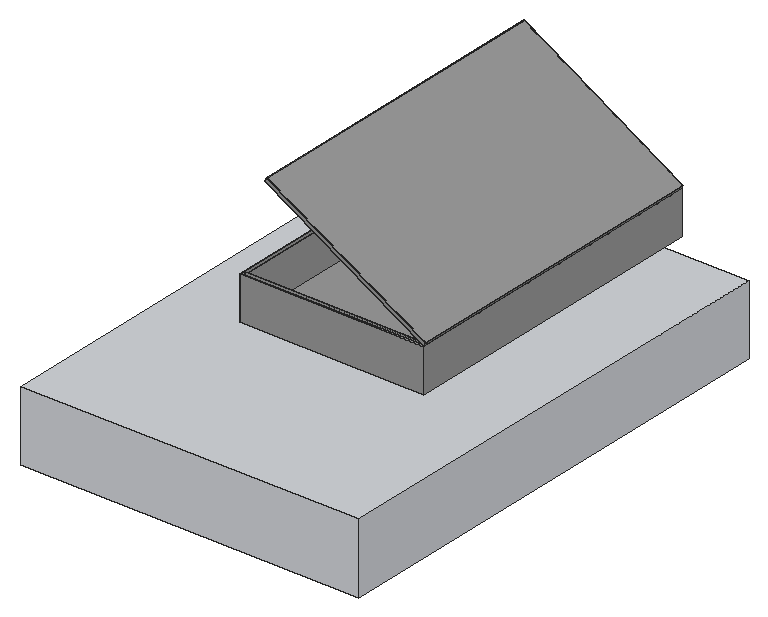
Revit family "Hager-Univers-IP44-D205-H1400-Cl.I-encl-DE-de", category Equipement électrique, Revit 2020
Family settings
  Hôte = Face
  Configuration du panneau = Deux colonnes, circuits au sein
  Cote de connecteur circulaire = Utiliser le diamètre
  Type d'élément = Tableau de raccordement
  Couper avec des vides une fois chargée = Non
  Partagée = Non
  Point de calcul de pièce = Non
Parameters (values of type "Aufputz IP44 B800 H1400 T205  - FP93TN2")
  Width Control [instance] = if([EF000008 - Breite] > Min Width, [EF000008 - Breite], Min Width)  # 800 mm
  Commentaires du type = [HG000003 - Bereich]  # "Univers"
  Thickness Door [instance] = if([EF009171 - Materialstärke Tür/Deckel] > 3 mm, 3 mm, [EF009171 - Materialstärke Tür/Deckel])  # 1 mm
  Seal Frame Offset [instance] = 17 mm  # constant formula
  Plinth Visibility [instance] = [HG000027 - Sockelhöhe] > 0 mm  # no
  Model = ""
  Min Width [instance] = 100 mm  # constant formula
  Min Height [instance] = 100 mm  # constant formula
  Min Depth [instance] = (2 * [EF009170 - Materialstärke Gehäuse]) + 1 mm  # 3 mm
  Internal Frame Depth [instance] = (Door System Depth * 0.5)  # 9 mm
  Height Control [instance] = if([EF000040 - Höhe] > Min Height, [EF000040 - Höhe], Min Height)  # 1400 mm
  HG000027 - Sockelhöhe = 0 mm
  HG000026 - Stehend auf dem Boden = no
  HG000024 - Höhe des unteren Teils = 800 mm
  HG000023 - Gehäuse mit doppeltem Querschnitt = no
  HG000016 - 3D-Türsichtbarkeit [instance] = yes
  HG000015 - Sichtbarkeit der Türöffnung [instance] = no
  HG000014 - Tür rechts [instance] = yes
  HG000013 - Tür links [instance] = not([HG000014 - Tür rechts])  # no
  HG000012 - Türschwenkwinkel [instance] = 30.00°
  HG000010 - Asymmetrische Türen = no
  HG000009 - Doppelflügeligen Tür = no
  HG000006 - Unterputz = no
  HG000004 - Herstellerreferenz = "FP93TN2"
  HG000003 - Bereich = "Univers"
  HG000002 - Mit tür = yes
  Frame Offset Bottom [instance] = 10 mm  # constant formula
  Frame Offset [instance] = 15 mm  # constant formula
  EF015940 - Deckel mit Überdruckentlastung = no
  EF011959 - Schutzart (NEMA) = ""
  EF009554 - Anzahl der Öffnungen für Flanschplatten = 6
  Fabricant = "Hager"  # constant formula
  EF009212 - Ausführung Deckel = "EV000116 - geschlossen"
  EF009171 - Materialstärke Tür/Deckel = 1 mm
  EF009170 - Materialstärke Gehäuse = 1 mm
  EF008873 - Nennstrom (In) = 250 A
  EF007800 - Geeignet für Blitzschutz = no
  EF006306 - Mit Schloss = no
  EF006244 - Transparenter Deckel/Tür = no
  EF005474 - Schutzart (IP) = "EV006418 - IP44"
  EF004464 - Art der Tür = "EV002646 - Einzel"
  EF004427 - Anzahl der Module = 324
  EF004293 - Schlagfestigkeit = "EV006815 - IK09"
  EF003532 - Geeignet für Außengebrauch = no
  EF002950 - Breite in Teilungseinheiten = 36
  EF001613 - Funktionserhalt = "EV000494 - ohne"
  EF001596 - Werkstoff des Gehäuses = "EV000179 - Stahl"
  EF001131 - Innentiefe = 130 mm
  EF001088 - Anbaumöglichkeit = yes
  EF000437 - Anzahl der Leitungseinführungen = 6
  EF000339 - Art der Abdeckung = "EV001012 - Deckel"
  EF000266 - Anzahl der Reihen = 9
  EF000218 - Einbautiefe = 205 mm
  EF000118 - Mit Montageplatte = no
  EF000116 - RAL-Nummer = "9010"
  EF000049 - Tiefe = 205 mm
  EF000040 - Höhe = 1400 mm
  EF000008 - Breite = 800 mm
  EF000007 - Farbe = "EV000202 - weiß"
  EF000003 - Montageart = "EV000384 - Aufputz"
  Door System Leaf Tolerance [instance] = 1.5 mm  # constant formula
  Door System Depth [instance] = 18 mm  # constant formula
  Door Height [instance] = Height Control - [HG000027 - Sockelhöhe]  # 1400 mm
  Depth Control [instance] = if([EF000049 - Tiefe] > Min Depth, [EF000049 - Tiefe], Min Depth)  # 205 mm
  Default Elevation = 0 mm
  Connector Offset [instance] = Height Control / 2  # 700 mm
  Bottom Top Plate Trim [instance] = 1.5 mm  # constant formula
  Plinth height Ctrl [instance] = if([HG000027 - Sockelhöhe] > 0 mm, [HG000027 - Sockelhöhe], 12 mm)  # 12 mm
Types (9, lengths in mm): name | Width Control | HG000010 - Asymmetrische Türen | HG000009 - Doppelflügeligen Tür | HG000004 - Herstellerreferenz | EF009554 - Anzahl der Öffnungen für Flanschplatten | EF004464 - Art der Tür | EF004427 - Anzahl der Module | EF002950 - Breite in Teilungseinheiten | EF000437 - Anzahl der Leitungseinführungen | EF000008 - Breite
  Aufputz IP44 B1050 H1400 T205  - FP94TN2 | 1050 | no | yes | "FP94TN2" | 8 | "EV003602 - Doppel" | 432 | 48 | 8 | 1050
  Aufputz IP44 B1300 H1400 T205  - FP95TN | 1300 | no | yes | "FP95TN" | 10 | "EV003602 - Doppel" | 540 | 60 | 10 | 1300
  Aufputz IP44 B1300 H1400 T205  - FP95TN2 | 1300 | yes | yes | "FP95TN2" | 10 | "EV003602 - Doppel" | 540 | 60 | 10 | 1300
  Aufputz IP44 B300 H1400 T205  - FP91TN | 300 | no | no | "FP91TN" | 2 | "EV002646 - Einzel" | 108 | 12 | 2 | 300
  Aufputz IP44 B300 H1400 T205  - FP91TN2 | 300 | no | no | "FP91TN2" | 2 | "EV002646 - Einzel" | 108 | 12 | 2 | 300
  Aufputz IP44 B550 H1400 T205  - FP92TN | 550 | no | no | "FP92TN" | 4 | "EV002646 - Einzel" | 216 | 24 | 4 | 550
  Aufputz IP44 B550 H1400 T205  - FP92TN2 | 550 | no | no | "FP92TN2" | 4 | "EV002646 - Einzel" | 216 | 24 | 4 | 550
  Aufputz IP44 B800 H1400 T205  - FP93TN | 800 | no | no | "FP93TN" | 6 | "EV002646 - Einzel" | 324 | 36 | 6 | 800
  Aufputz IP44 B800 H1400 T205  - FP93TN2 | 800 | no | no | "FP93TN2" | 6 | "EV002646 - Einzel" | 324 | 36 | 6 | 800
Reference planes
  plane 1 "Center (Front/Back)": y = 0
  plane 2: z = 0
  plane 3 "Center (Left/Right)": x = 0
  plane 4: z = 205
  plane 5: y = 1
  plane 6: y = 700
  plane 7: y = 0
  plane 8: y = 1400
  plane 9: z = 0
  plane 10: x = -385
  plane 11: x = 385
  plane 12: x = 384
  plane 13: x = -384
  plane 14: y = 1399
  plane 15: x = -383
  plane 16: x = -400
  plane 17: x = 383
  plane 18: x = 400
  plane 19: x = 399
  plane 20: x = -399
  plane 21: y = 11
  plane 22: y = 1400
  plane 23: y = 1384
  plane 24: z = 187
  plane 25: z = 1
  plane 26: z = 186
  plane 27: z = 204
Forms (mm)
  Extrusion 1, solid
    sketch origin (0, 0, 0) x (1, 0, 0) y (0, 1, 0)
      loop
        line (-702.964, 1305) -> (-702.964, -811.445) -> (766.763, -811.445) -> (766.763, 1305) -> (-702.964, 1305)
    from 0 to -304.8
  Extrusion 2, solid, material "Hager_Steel_RAL7035_Light_Grey", visible <- "Plinth Visibility", detail levels medium+fine
    sketch origin (0, 0, 0) x (1, 0, 0) y (0, 1, 0)
      loop
        line (-400, 0) -> (400, 0) -> (400, 12) -> (-400, 12) -> (-400, 0)
    from 0 to 187
  Extrusion 3, solid, material "Hager_Steel_RAL7035_Light_Grey", detail levels medium+fine
    sketch origin (0, 0, 0) x (1, 0, 0) y (0, 1, 0)
      loop
        line (-400, 0) -> (400, 0) -> (400, 1400) -> (-400, 1400) -> (-400, 0)
    from 0 to 187
  Extrusion 4, void
    sketch origin (0, 0, 0) x (1, 0, 0) y (0, 1, 0)
      loop
        line (-399, 1) -> (399, 1) -> (399, 1399) -> (-399, 1399) -> (-399, 1)
    from 1 to 186
  Extrusion 5, void
    sketch origin (-381.607, -4572, 187) x (0, -1, 0) y (-1, 0, 0)
      loop
        line (-4583, 2.393) -> (-5956, 2.393) -> (-5956, -765.607) -> (-4583, -765.607) -> (-4583, 2.393)
    from 0 to 1 <- "EF009170 - Materialstärke Gehäuse"
  Extrusion 6, solid, material "Hager_Steel_RAL7035_Light_Grey", detail levels fine
    sketch origin (0, 0, 187) x (1, 0, 0) y (0, 1, 0)
      loop
        line (-384, 1384) -> (-384, 11) -> (384, 11) -> (384, 1384) -> (-384, 1384)
      loop
        line (-385, 10) -> (385, 10) -> (385, 1385) -> (-385, 1385) -> (-385, 10)
    from 0 to 9 <- "Internal Frame Depth"
  Extrusion 7, solid, material "Hager_Steel_RAL7035_Light_Grey", detail levels coarse
    sketch origin (0, 0, 0) x (1, 0, 0) y (0, 1, 0)
      loop
        line (-400, 0) -> (400, 0) -> (400, 1400) -> (-400, 1400) -> (-400, 0)
    from 0 to 205
  Sweep 8, void
    path in 3D
      loop
        line (-400, 12, 0) -> (400, 12, 0) -> (400, 12, 187) -> (-400, 12, 187) -> (-400, 12, 0)
    profile origin (-400, 12, 93.5) x (-1, 0, 0) y (0, -1, 0)
      loop
        line (0, 0) -> (0, 1.5) -> (-1.5, 1.5)
        arc (-1.5, 1.5) -> (-1.061, 0.439) -> (0, 0) r 1.5
Cuts and joins
  Extrusion 4, Extrusion 5 cuts Extrusion 3
  Sweep 8 cuts Extrusion 2
Lines and regions (mm)
  Masking region 1
    outline origin (0, 0, 0) x (1, 0, 0) y (0, 0, 1)
      loop
        line (-400, 205) -> (-400, 0) -> (400, 0) -> (400, 205) -> (-400, 205)
  Masking region 2, detail levels medium+fine
    outline origin (0, 140, 0) x (0, 1, 0) y (0, 0, 1)
      loop
        line (-140, 0) -> (1260, 0) -> (1260, 187) -> (-140, 187) -> (-140, 0)
  Masking region 3, not visible, detail levels medium+fine
    outline origin (0, 297.922, 0) x (0, 1, 0) y (0, 0, 1)
      loop
        line (413.578, 0) -> (453.578, 0) -> (453.578, 194)
        arc (453.578, 194) -> (450.649, 201.071) -> (443.578, 204) r 10
        line (443.578, 204) -> (413.578, 204) -> (413.578, 0)
  Masking region 4, detail levels coarse
    outline origin (0, 0, 180) x (0, 1, 0) y (0, 0, 1)
      loop
        line (0, -180) -> (1400, -180) -> (1400, 25) -> (0, 25) -> (0, -180)
  Masking region 5, visible <- "Plinth Visibility", detail levels medium+fine
    outline origin (0, 52.24, 12.345) x (0, 0, -1) y (0, 1, 0)
      loop
        line (10.845, -40.24) -> (-173.155, -40.24)
        arc (-173.155, -40.24) -> (-173.594, -41.301) -> (-174.655, -41.74) r 1.5
        line (-174.655, -41.74) -> (-174.655, -52.24) -> (12.345, -52.24) -> (12.345, -41.74)
        arc (12.345, -41.74) -> (11.285, -41.301) -> (10.845, -40.24) r 1.5
  Masking region 6, detail levels medium+fine
    outline origin (-381.607, -4572, 187) x (-1, 0, 0) y (0, -1, 0)
      loop
        line (18.393, -5972) -> (18.393, -4572) -> (-781.607, -4572) -> (-781.607, -5972) -> (18.393, -5972)
  Masking region 7, visible <- "Plinth Visibility", detail levels medium+fine
    outline origin (-381.607, -4727, 187) x (-1, 0, 0) y (0, -1, 0)
      loop
        arc (16.893, -4739) -> (17.332, -4737.939) -> (18.393, -4737.5) r 1.5
        line (18.393, -4737.5) -> (18.393, -4727) -> (-781.607, -4727) -> (-781.607, -4737.5)
        arc (-781.607, -4737.5) -> (-780.546, -4737.939) -> (-780.107, -4739) r 1.5
        line (-780.107, -4739) -> (16.893, -4739)
  Masking region 8, detail levels coarse
    outline origin (-442.548, -4669.526, 187) x (-1, 0, 0) y (0, -1, 0)
      loop
        line (-42.548, -6069.526) -> (-42.548, -4669.526) -> (-842.548, -4669.526) -> (-842.548, -6069.526) -> (-42.548, -6069.526)
  sketch lines
    curve 1: line (-400, 12, 187) -> (-400, 12, 0)
    curve 2: line (400, 12, 187) -> (-400, 12, 187)
    curve 3: line (400, 12, 187) -> (400, 12, 0)
    curve 4: line (-400, 12, 0) -> (400, 12, 0)
Dimensions and locks
  "Depth Control": plane 4 to Extrusion 1
  "HG000027 - Sockelhöhe": plane 1 "Center (Front/Back)" to plane 7
  "EF009170 - Materialstärke Gehäuse": plane 5 to plane 7
  locked: connector elem to plane 3 "Center (Left/Right)"
  equal spacing: plane 8, plane 6, plane 7
  locked: connector elem to plane 6
  "EF009170 - Materialstärke Gehäuse": plane 8 to plane 14
  "EF009170 - Materialstärke Gehäuse": plane 10 to plane 13
  "EF009170 - Materialstärke Gehäuse": plane 12 to plane 11
  "Frame Offset": plane 20 to plane 13
  "Frame Offset": plane 12 to plane 19
  "EF009170 - Materialstärke Gehäuse": plane 16 to plane 20
  "EF009170 - Materialstärke Gehäuse": plane 19 to plane 18
  "Seal Frame Offset": plane 16 to plane 15
  "Seal Frame Offset": plane 17 to plane 18
  "Frame Offset Bottom": plane 21 to plane 5
  "Frame Offset": plane 14 to plane 23
  equal spacing: plane 16, plane 3 "Center (Left/Right)", plane 18
  "Width Control": plane 16 to plane 18
  "EF009170 - Materialstärke Gehäuse": plane 4 to plane 27
  "EF009170 - Materialstärke Gehäuse": plane 24 to plane 26
  "EF009170 - Materialstärke Gehäuse": plane 25 to level
  "Door System Depth": plane 4 to plane 24
  "Height Control": plane 1 "Center (Front/Back)" to Extrusion 7 sketch curve
  "Height Control": Masking region 4 sketch curve to plane 1 "Center (Front/Back)"
  "Height Control": plane 1 "Center (Front/Back)" to plane 22
  "Bottom Top Plate Trim": profile plane to Sweep 8 sketch curve
  "Bottom Top Plate Trim": Sweep 8 sketch curve to profile plane
  "Plinth height Ctrl": plane 1 "Center (Front/Back)" to Extrusion 2 sketch curve
  "Plinth height Ctrl": Masking region 5 sketch curve to plane 1 "Center (Front/Back)"
  "Plinth height Ctrl": plane 1 "Center (Front/Back)" to Masking region 7 sketch curve
  "Thickness Door": Extrusion 6 sketch curve to Extrusion 6 sketch curve  (x3)
  "Thickness Door": cut or joined group of Extrusion 3, Extrusion 4, Extrusion 5 to Extrusion 6 sketch curve
  radius of Masking region 3 sketch curve = 10 mm
  "Bottom Top Plate Trim": radius of Masking region 5 sketch curve  (x2)
  "Bottom Top Plate Trim": radius of Sweep 8 sketch curve
  "Bottom Top Plate Trim": radius of Masking region 7 sketch curve  (x2)
  aligned and locked: plane 2 to Extrusion 1
  aligned and locked: level to Extrusion 1
  aligned and locked: level to Masking region 1 sketch curve
  aligned and locked: Masking region 1 sketch curve to plane 18
  aligned and locked: Masking region 1 sketch curve to plane 16
  aligned and locked: plane 7 to Masking region 2 sketch curve
  aligned and locked: level to Masking region 3 sketch curve
  aligned and locked: Masking region 3 sketch curve to plane 27
  aligned and locked: level to Masking region 2 sketch curve
  aligned and locked: plane 1 "Center (Front/Back)" to Extrusion 2 sketch curve
  aligned and locked: Extrusion 3 sketch curve to plane 7
  aligned and locked: plane 16 to Extrusion 3 sketch curve
  aligned and locked: plane 18 to Extrusion 3 sketch curve
  aligned and locked: plane 20 to Extrusion 4 sketch curve
  aligned and locked: plane 19 to Extrusion 4 sketch curve
  aligned and locked: Extrusion 4 sketch curve to plane 5
  aligned and locked: Extrusion 4 to plane 25
  aligned and locked: plane 26 to Extrusion 4
  aligned and locked: plane 24 to Extrusion 3
  aligned and locked: Extrusion 5 sketch curve to plane 21
  aligned and locked: Extrusion 5 sketch curve to plane 13
  aligned and locked: Extrusion 5 sketch curve to plane 12
  aligned and locked: plane 18 to Extrusion 7 sketch curve
  aligned and locked: plane 1 "Center (Front/Back)" to Extrusion 7 sketch curve
  aligned and locked: plane 16 to Extrusion 7 sketch curve
  aligned and locked: plane 4 to Extrusion 7
  aligned and locked: Extrusion 7 to level
  aligned and locked: level to Masking region 4 sketch curve
  aligned and locked: Masking region 4 sketch curve to plane 1 "Center (Front/Back)"
  aligned and locked: Masking region 4 sketch curve to plane 4
  aligned and locked: nested 1 to level
  aligned and locked: nested 1 to plane 16
  aligned and locked: plane 8 to Extrusion 3 sketch curve
  aligned and locked: plane 23 to Extrusion 5 sketch curve
  aligned and locked: plane 14 to Extrusion 4 sketch curve
  aligned and locked: Masking region 2 sketch curve to plane 8
  aligned and locked: level to Masking region 5 sketch curve
  aligned and locked: plane 16 to Extrusion 2 sketch curve
  aligned and locked: plane 18 to Extrusion 2 sketch curve
  aligned and locked: Masking region 5 sketch curve to plane 24
  aligned and locked: Masking region 2 sketch curve to plane 24
  aligned and locked: plane 24 to Extrusion 2
  aligned and locked: profile plane to Sweep 8 sketch curve  (x2)
  aligned and locked: Masking region 6 sketch curve to plane 18
  aligned and locked: Masking region 6 sketch curve to plane 22
  aligned and locked: Masking region 6 sketch curve to plane 16
  aligned and locked: plane 8 to plane 22
  aligned and locked: Masking region 6 sketch curve to plane 7
  aligned and locked: Masking region 7 sketch curve to plane 16
  aligned and locked: Masking region 7 sketch curve to plane 1 "Center (Front/Back)"
  aligned and locked: Masking region 7 sketch curve to plane 18
  aligned and locked: Masking region 8 sketch curve to plane 1 "Center (Front/Back)"
  aligned and locked: Masking region 8 sketch curve to plane 18
  aligned and locked: Masking region 8 sketch curve to plane 22
  aligned and locked: Masking region 8 sketch curve to plane 16
  aligned and locked: nested 2 to plane 7
  aligned and locked: plane 3 "Center (Left/Right)" to nested 2
  aligned and locked: nested 2 to plane 24
  aligned and locked: Extrusion 6 sketch curve to cut or joined group of Extrusion 3, Extrusion 4, Extrusion 5  (x4)
Automatic sketch dimensions
  Extrusion 1 sketch curve to Extrusion 1 sketch curve = 1469.727 mm
  Extrusion 1 sketch curve to Extrusion 1 sketch curve = 2116.445 mm
  Masking region 1 sketch curve to plane 4 = 0 mm
  plane 6 to Masking region 3 sketch curve = 11.5 mm
  Masking region 3 sketch curve to Masking region 3 sketch curve = 30 mm
  Masking region 5 sketch curve to plane 1 "Center (Front/Back)" = 0 mm
Nested families
  nested 1: "Hager_Enclosure_Symbol" at (-400, 0, 0) x (1, 0, 0) z (0, -1, 0), Height <- "Depth Control", Width <- "Width Control", type "Hager_Enclosure_Symbol"
    with Width_Ctrl 800 mm, Width 800 mm, Height_Ctrl 205 mm, Height 205 mm, A_Width_Int 13.453 mm, A_Width 161.438 mm, A_Height_Ctrl 179.375 mm, A_Height 179.375 mm
  nested 2: "EC000058_Univers_Door" at (0, 0, 187) x (1, 0, 0) z (0, 1, 0), Leaf_Tolerance <- "Door System Leaf Tolerance", Angle <- "HG000012 - Türschwenkwinkel", Door_Depth <- "Door System Depth", Door_Left <- "HG000013 - Tür links", Transparent <- "EF006244 - Transparenter Deckel/Tür", Assymetrical <- "HG000010 - Asymmetrische Türen", Width <- "Width Control", Clearance <- "HG000015 - Sichtbarkeit der Türöffnung", Double <- "HG000009 - Doppelflügeligen Tür", 3d_Door <- "HG000016 - 3D-Türsichtbarkeit", Lock_Visibility <- "EF006306 - Mit Schloss", Width_Ctrl <- "Width Control", Door_Right <- "HG000014 - Tür rechts", Door <- "HG000002 - Mit tür", Height <- "Door Height", Thickness <- "Thickness Door", type "EC000058_Univers_Door", detail levels medium+fine
    with min_wh 3 mm, Width_Ctrl 800 mm, Width 800 mm, Transparent no, Thickness 1 mm, Seal_Material Hager_Rubber, Lock_Visibility no, Lock_Material Hager_Plastic_RAL9005_Jet_Black, Leaf_Width 800 mm, Leaf_Tolerance_External_Sides 0 mm, Leaf_Tolerance 1.5 mm, Leaf_Offset 0 mm, Leaf_Height 1397 mm, Leaf_2_Width 800 mm, Leaf_2_Offset 400 mm, Leaf_1_Width 800 mm, Leaf_1_Offset 400 mm, Height_Ctrl 1400 mm, Height 1400 mm, Glass_Material Hager_Glass, Double_Clearance_Ctrl no, Double no, Door_Right_Ctrl yes, Door_Right yes, Door_Material Hager_Steel_RAL7035_Light_Grey, Door_Left_Ctrl no, Door_Left no, Door_Depth 18 mm, Door yes, Clearance_Material Hager_Clearance, Clearance_Depth 800 mm, Clearance_Ctrl no, Clearance no, Assymetrical no, Angle 30.00°, 3d_Door yes
Connectors
  electrical at (0, 700, 0)
    settings: on plane 9, index 1, voltage 0 V, apparent load 0 VA, apparent load phase1 0 VA, apparent load phase2 0 VA, apparent load phase3 0 VA, power factor 1, load classification "Other", number of poles 1, system type 30, power factor state 1, is connector primary yes, connector utility no, sub classification motor no, connector description ""
Definition of nested family "EC000058_Univers_Door"
  Parameters (values of type "EC000058_Univers_Door")
    min_wh [instance] = (2 * Thickness) + 1 mm  # 11 mm
    Width_Ctrl [instance] = 400 mm
    Width [instance] = 500 mm
    Transparent [instance] = yes
    Thickness [instance] = 5 mm
    Seal_Material [instance] = none
    Lock_Visibility [instance] = yes
    Lock_Material [instance] = none
    Leaf_Width [instance] = if((Width_Ctrl - 2 * Leaf_Tolerance_External_Sides) > 0 mm, (Width_Ctrl - 2 * Leaf_Tolerance_External_Sides), min_wh)  # 400 mm
    Leaf_Tolerance_External_Sides [instance] = 0 mm  # constant formula
    Leaf_Tolerance [instance] = 1.5 mm
    Leaf_Offset [instance] = 0 mm  # constant formula
    Leaf_Height [instance] = if((Height_Ctrl - 2 * Leaf_Tolerance) > 0 mm, (Height_Ctrl - 2 * Leaf_Tolerance), min_wh)  # 497 mm
    Leaf_2_Width [instance] = if(and(and(Double, Assymetrical), Door_Left), (Leaf_Width / 3) - (Leaf_Tolerance / 2), if(and(and(Double, Assymetrical), Door_Right), (Leaf_Width / 3) * 2 - (Leaf_Tolerance / 2), if(and(Double, not(Assymetrical)), (Leaf_Width / 2) - Leaf_Tolerance, Leaf_Width)))  # 400 mm
    Leaf_2_Offset [instance] = if(and(Double, Assymetrical), Leaf_2_Width / 2, if(and(Double, not(Assymetrical)), Leaf_Width / 4, Leaf_Width / 2))  # 200 mm
    Leaf_1_Width [instance] = if(and(and(Double, Assymetrical), Door_Right), (Leaf_Width / 3) - (Leaf_Tolerance / 2), if(and(and(Double, Assymetrical), Door_Left), (Width / 3) * 2 - (Leaf_Tolerance / 2), if(and(Double, not(Assymetrical)), (Leaf_Width / 2) - Leaf_Tolerance, Leaf_Width)))  # 400 mm
    Leaf_1_Offset [instance] = if(and(Double, Assymetrical), Leaf_1_Width / 2, if(and(Double, not(Assymetrical)), Leaf_Width / 4, Leaf_Width / 2))  # 200 mm
    Height_Ctrl [instance] = if(Height > min_wh, Height, min_wh)  # 500 mm
    Height [instance] = 500 mm
    Glass_Material [instance] = none
    Double_Clearance_Ctrl [instance] = and(Double, Clearance)  # no
    Double [instance] = no
    Door_Right_Ctrl [instance] = and(or(Door_Right, Double), Door)  # yes
    Door_Right [instance] = yes
    Door_Material [instance] = none
    Door_Left_Ctrl [instance] = and(or(Door_Left, Double), Door)  # no
    Door_Left [instance] = no
    Door_Depth [instance] = 30 mm
    Door [instance] = yes
    Default Elevation = 1219.2 mm
    Clearance_Material [instance] = none
    Clearance_Depth [instance] = if(Leaf_1_Width > Leaf_2_Width, Leaf_1_Width, Leaf_2_Width)  # 400 mm
    Clearance_Ctrl [instance] = and(not(Double), Clearance)  # yes
    Clearance [instance] = yes
    Assymetrical [instance] = yes
    Angle [instance] = 30.00°
    3d_Door [instance] = yes
  Reference planes
    plane 1 "Center (Front/Back)": y = 0
    plane 2 "Bottom": z = 0
    plane 3 "Center (Left/Right)": x = 0
    plane 4: z = 500
    plane 5: x = -200
    plane 6: x = 200
    plane 7: z = 500
    plane 8: x = -200
    plane 9: z = 0
    plane 10: x = 200
    plane 11: y = 0
    plane 12: z = 1.5
    plane 13: x = -600
    plane 14: y = -400
    plane 15: x = 600
    plane 16: x = 0
    plane 17: x = 0
    plane 18: x = -200
    plane 19: x = 200
    plane 20: z = 498.5
  Forms (mm)
    Extrusion 1, solid, material <- "Clearance_Material", visible <- "Double_Clearance_Ctrl"
      sketch origin (1200, 0, 0) x (1, 0, 0) y (0, 0, -1)
        loop
          line (-1800, -498.5) -> (-600, -498.5) -> (-600, 0) -> (-1800, 0) -> (-1800, -498.5)
      from 0 to -400
  Dimensions and locks
    equal spacing: plane 5, plane 3 "Center (Left/Right)", plane 6
    "Width_Ctrl": plane 5 to plane 6
    "Leaf_Offset": plane 5 to plane 8
    "Leaf_Offset": plane 6 to plane 10
    "Leaf_Offset": plane 9 to level
    "Leaf_Offset": plane 4 to plane 7
    "Height_Ctrl": plane 4 to level
    "Leaf_Tolerance": plane 12 to plane 9
    locked: plane 11 to plane 1 "Center (Front/Back)"
    "Leaf_1_Offset": plane 18 to plane 16
    "Leaf_2_Offset": plane 17 to plane 19
    "Leaf_1_Width": plane 13 to plane 8
    "Leaf_2_Width": plane 10 to plane 15
    "Clearance_Depth": plane 14 to plane 1 "Center (Front/Back)"
    "Leaf_Tolerance_External_Sides": plane 8 to plane 18
    "Leaf_Tolerance_External_Sides": plane 19 to plane 10
    "Leaf_Tolerance": plane 7 to plane 20
    aligned and locked: level to plane 2 "Bottom"
    aligned and locked: nested 1 to plane 16
    aligned and locked: nested 2 to plane 17
    aligned and locked: Extrusion 1 to plane 13
    aligned and locked: plane 15 to Extrusion 1
    aligned and locked: Extrusion 1 to plane 14
    aligned and locked: plane 12 to nested 1
    aligned and locked: nested 2 to plane 12
    aligned and locked: Extrusion 1 to plane 11
    aligned and locked: plane 20 to Extrusion 1
    aligned and locked: nested 2 to plane 11
    aligned and locked: nested 1 to plane 11
  Automatic sketch dimensions
    Extrusion 1 sketch curve to level = 0 mm
    plane 5 to Extrusion 1 sketch curve = 400 mm
    plane 6 to Extrusion 1 sketch curve = 400 mm
    Extrusion 1 sketch curve to plane 4 = 1.5 mm
  Nested families
    nested 1: "EC000058_Univers_Door_Leaf" at (0, 0, 1.5), Width <- "Leaf_1_Width", visible <- "Door_Left_Ctrl", Leaf_Height <- "Leaf_Height", Angle <- "Angle", 3d_Door <- "3d_Door", Transparent <- "Transparent", Clearance Material <- "Clearance_Material", Clearance <- "Clearance_Ctrl", Door_Material <- "Door_Material", Glass_Material <- "Glass_Material", Door_Depth <- "Door_Depth", Lock_Material <- "Lock_Material", Seal_Material <- "Seal_Material", Lock_Visibility <- "Lock_Visibility", Thickness <- "Thickness", type "EC000058_Univers_Door_Leaf"
      with Width 400 mm, Transparent_Glass_Offset 30 mm, Transparent_Ctrl yes, Transparent yes, Thickness 5 mm, Standard no, Seal_Material none, Seal_D2 8 mm, Seal_D1 1 mm, Offset_Internal_Frame 10 mm, Lock_Width 20 mm, Lock_Visibility_3d yes, Lock_Visibility yes, Lock_Thickness_3 3 mm, Lock_Thickness_2 1 mm, Lock_Thickness_1 3 mm, Lock_Radius_Offset_2 16 mm, Lock_Radius_Offset_1 15 mm, Lock_Radius_2 5 mm, Lock_Radius 6 mm, Lock_Offset 5 mm, Lock_Material none, Lock_Height 80 mm, Lock_Cover_Top_Offset_2d 17 mm, Lock_Cover_Height -65 mm, Leaf_Height 497 mm, Internal_Seal_Thickness 8 mm, Internal_Seal_Depth_2 4.5 mm, Internal_Frame_Depth 25 mm, Glass_Thickness -1 mm, Glass_Offset -2 mm, Glass_Material none, Door_Material none, Door_Depth 30 mm, Clearance Material none, Clearance yes, Angle_Ctrl 30.00°, Angle 30.00°, 3d_Door yes
    nested 2: "EC000058_Univers_Door_Leaf" at (0, 0, 1.5) x (-1, 0, 0) z (0, 0, 1), Width <- "Leaf_2_Width", visible <- "Door_Right_Ctrl", Leaf_Height <- "Leaf_Height", Angle <- "Angle", 3d_Door <- "3d_Door", Transparent <- "Transparent", Clearance Material <- "Clearance_Material", Clearance <- "Clearance_Ctrl", Door_Material <- "Door_Material", Glass_Material <- "Glass_Material", Door_Depth <- "Door_Depth", Lock_Material <- "Lock_Material", Seal_Material <- "Seal_Material", Lock_Visibility <- "Lock_Visibility", Thickness <- "Thickness", type "EC000058_Univers_Door_Leaf"
      with Width 400 mm, Transparent_Glass_Offset 30 mm, Transparent_Ctrl yes, Transparent yes, Thickness 5 mm, Standard no, Seal_Material none, Seal_D2 8 mm, Seal_D1 1 mm, Offset_Internal_Frame 10 mm, Lock_Width 20 mm, Lock_Visibility_3d yes, Lock_Visibility yes, Lock_Thickness_3 3 mm, Lock_Thickness_2 1 mm, Lock_Thickness_1 3 mm, Lock_Radius_Offset_2 16 mm, Lock_Radius_Offset_1 15 mm, Lock_Radius_2 5 mm, Lock_Radius 6 mm, Lock_Offset 5 mm, Lock_Material none, Lock_Height 80 mm, Lock_Cover_Top_Offset_2d 17 mm, Lock_Cover_Height -65 mm, Leaf_Height 497 mm, Internal_Seal_Thickness 8 mm, Internal_Seal_Depth_2 4.5 mm, Internal_Frame_Depth 25 mm, Glass_Thickness -1 mm, Glass_Offset -2 mm, Glass_Material none, Door_Material none, Door_Depth 30 mm, Clearance Material none, Clearance yes, Angle_Ctrl 30.00°, Angle 30.00°, 3d_Door yes
  Definition of nested family "EC000058_Univers_Door_Leaf"
    Parameters (values of type "EC000058_Univers_Door_Leaf")
      Width [instance] = 2000 mm
      Transparent_Glass_Offset [instance] = 30 mm
      Transparent_Ctrl [instance] = and(Transparent, [3d_Door])  # yes
      Transparent [instance] = yes
      Thickness [instance] = 5 mm
      Standard [instance] = and(not(Transparent), [3d_Door])  # no
      Seal_Material [instance] = none
      Seal_D2 [instance] = 8 mm  # constant formula
      Seal_D1 [instance] = 1 mm  # constant formula
      Offset_Internal_Frame [instance] = 10 mm  # constant formula
      Lock_Width [instance] = 20 mm  # constant formula
      Lock_Visibility_3d [instance] = and(Lock_Visibility, [3d_Door])  # yes
      Lock_Visibility [instance] = yes
      Lock_Thickness_3 [instance] = 3 mm  # constant formula
      Lock_Thickness_2 [instance] = 1 mm  # constant formula
      Lock_Thickness_1 [instance] = 3 mm  # constant formula
      Lock_Radius_Offset_2 [instance] = Lock_Radius_Offset_1 + 1 mm  # 16 mm
      Lock_Radius_Offset_1 [instance] = 15 mm  # constant formula
      Lock_Radius_2 [instance] = Lock_Radius - 1 mm  # 5 mm
      Lock_Radius [instance] = 6 mm  # constant formula
      Lock_Offset [instance] = 5 mm  # constant formula
      Lock_Material [instance] = none
      Lock_Height [instance] = 80 mm  # constant formula
      Lock_Cover_Top_Offset_2d [instance] = Lock_Radius_Offset_2 + 1 mm  # 17 mm
      Lock_Cover_Height [instance] = -(Lock_Height - Lock_Radius_Offset_1)  # -65 mm
      Leaf_Height [instance] = 2720.336 mm
      Internal_Seal_Thickness [instance] = 8 mm  # constant formula
      Internal_Seal_Depth_2 [instance] = 4.5 mm  # constant formula
      Internal_Frame_Depth [instance] = if(Door_Depth - Thickness > 5 mm, Door_Depth - Thickness, 5 mm)  # 25 mm
      Glass_Thickness [instance] = if(Thickness > 15 mm, Glass_Offset + 10 mm, -1 mm)  # -1 mm
      Glass_Offset [instance] = if(Thickness > 15 mm, -(Thickness + 10 mm) / 2, -2 mm)  # -2 mm
      Glass_Material [instance] = none
      Door_Material [instance] = none
      Door_Depth [instance] = 30 mm
      Default Elevation = 0 mm
      Clearance Material [instance] = none
      Clearance [instance] = yes
      Angle_Ctrl [instance] = if(Angle > 180.00°, 180.00°, Angle)  # 90.00°
      Angle [instance] = 90.00°
      3d_Door [instance] = yes
    Reference planes
      plane 1 "Center (Front/Back)": y = 0
      plane 2: z = 0
      plane 3 "Center (Left/Right)": x = 0
      plane 4: y = 2000
      plane 5: x = -1000
      plane 6: x = 1000
      plane 7: x = -3000
      plane 8: z = 2720.336
      plane 9: z = 30
      plane 10: z = 2690.336
      plane 11: x = 970
      plane 12: x = -970
      plane 13: y = -3
      plane 14: z = 107.833
      plane 15: y = -5
      plane 16: y = -223.314
      plane 17: x = -1000
      plane 18: z = 1360.168
      plane 19: y = 30
    Forms (mm)
      Extrusion 1, solid, material <- "Clearance Material", visible <- "Clearance"
        sketch origin (0, 0, 0) x (1, 0, 0) y (0, 0, 1)
          loop
            line (-3000, 2720.336) -> (-3000, 0) -> (1000, 0) -> (1000, 2720.336) -> (-3000, 2720.336)
        from 0 to -2000
      Extrusion 2, solid, material <- "Door_Material", visible <- "Standard", detail levels medium+fine
        sketch origin (-1000, 0, 0) x (0, 1, 0) y (-1, 0, 0)
          loop
            line (0, 30) -> (0, 25) -> (2000, 25) -> (2000, 30) -> (0, 30)
        from 0 to 2720.336 <- "Leaf_Height"
      Extrusion 3, solid, material <- "Door_Material", visible <- "Transparent_Ctrl", detail levels medium+fine
        sketch origin (-1000, 0, 0) x (0, 1, 0) y (-1, 0, 0)
          loop
            line (0, 25) -> (2000, 25) -> (2000, 30) -> (0, 30) -> (0, 25)
        from 0 to 2720.336 <- "Leaf_Height"
      Extrusion 4, void
        sketch origin (-1025, 2000, 0) x (0, 1, 0) y (0, 0, -1)
          loop
            line (-30, -2690.336) -> (-30, -30) -> (-1970, -30) -> (-1970, -2690.336) -> (-30, -2690.336)
        from 0 to 5 <- "Thickness"
      Sweep 5, solid, material <- "Seal_Material", visible <- "Transparent_Ctrl", detail levels fine
        path in 3D
          loop
            line (-1025, 30, 30) -> (-1025, 30, 2690.336) -> (-1025, 1970, 2690.336) -> (-1025, 1970, 30) -> (-1025, 30, 30)
        profile origin (-1025, 1000, 30) x (1, 0, 0) y (0, 0, 1)
          loop
            line (0, 0) -> (0, -8) -> (1, -8) -> (1, 0) -> (0, 0)
      Extrusion 6, solid, material <- "Glass_Material", visible <- "Transparent_Ctrl", detail levels medium+fine
        sketch origin (-1030, 0, 0) x (0, 1, 0) y (0, 0, -1)
          loop
            line (1970, -2690.336) -> (1970, -30) -> (30, -30) -> (30, -2690.336) -> (1970, -2690.336)
        from -2 <- "Glass_Offset" to -1 <- "Glass_Thickness"
      Extrusion 7, solid, material <- "Door_Material", visible <- "3d_Door", detail levels medium+fine
        sketch origin (-1025, 2000, 0) x (0, -1, 0) y (0, 0, -1)
          loop
            line (0, -2720.336) -> (2000, -2720.336) -> (2000, 0) -> (0, 0) -> (0, -2720.336)
          loop
            line (1995, -5) -> (5, -5) -> (5, -2715.336) -> (1995, -2715.336) -> (1995, -5)
        from 0 to 25 <- "Internal_Frame_Depth"
      Sweep 8, solid, material <- "Seal_Material", visible <- "Transparent_Ctrl", detail levels fine
        path in 3D
          loop
            line (-1025, 0, 0) -> (-1025, 2000, 0) -> (-1025, 2000, 2720.336) -> (-1025, 0, 2720.336) -> (-1025, 0, 0)
        profile origin (-1025, 0, 1360.168) x (1, 0, 0) y (0, 1, 0)
          loop
            line (0, 10) -> (2.975, 10)
            arc (2.975, 10) -> (4.053, 10.447) -> (4.5, 11.525) r 1.525
            line (4.5, 11.525) -> (4.5, 16.527)
            arc (4.5, 16.527) -> (4.069, 17.569) -> (3.027, 18) r 1.473
            line (3.027, 18) -> (0, 18) -> (0, 10)
      Extrusion 9, solid, material <- "Lock_Material", visible <- "Lock_Visibility_3d", detail levels fine
        sketch origin (-1030, 0, 0) x (0, 1, 0) y (0, 0, -1)
          loop
            arc (1993.5, -1400.168) -> (1994.561, -1399.729) -> (1995, -1398.668) r 1.5
            line (1995, -1398.668) -> (1995, -1320.168) -> (1975, -1320.168) -> (1975, -1398.668)
            arc (1975, -1398.668) -> (1975.439, -1399.729) -> (1976.5, -1400.168) r 1.5
            line (1976.5, -1400.168) -> (1993.5, -1400.168)
        from 3 <- "Lock_Thickness_1" to 0
      Blend 10, solid, material <- "Lock_Material", visible <- "Lock_Visibility_3d", detail levels fine
        base sketch origin (-1033, 0, 0) x (0, 1, 0) y (0, 0, -1)
          loop
            line (1975, -1320.168) -> (1975, -1398.668)
            arc (1975, -1398.668) -> (1975.439, -1399.729) -> (1976.5, -1400.168) r 1.5
            line (1976.5, -1400.168) -> (1993.5, -1400.168)
            arc (1993.5, -1400.168) -> (1994.561, -1399.729) -> (1995, -1398.668) r 1.5
            line (1995, -1398.668) -> (1995, -1320.168) -> (1975, -1320.168)
        top sketch origin (-1033, 0, 0) x (0, 1, 0) y (0, 0, -1)
          loop
            line (1976, -1320.168) -> (1976, -1398.668)
            arc (1976, -1398.668) -> (1976.146, -1399.022) -> (1976.5, -1399.168) r 0.5
            line (1976.5, -1399.168) -> (1993.5, -1399.168)
            arc (1993.5, -1399.168) -> (1993.854, -1399.022) -> (1994, -1398.668) r 0.5
            line (1994, -1398.668) -> (1994, -1320.168) -> (1976, -1320.168)
        from 0 to 1 <- "Lock_Thickness_2"
      Blend 11, solid, material <- "Lock_Material", visible <- "Lock_Visibility_3d", detail levels fine
        base sketch origin (-1034, 0, 0) x (0, 1, 0) y (0, 0, -1)
          loop
            line (1978, -1320.168) -> (1978, -1384.168)
            arc (1978, -1384.168) -> (1985, -1391.168) -> (1992, -1384.168) r 7
            line (1992, -1384.168) -> (1992, -1320.168) -> (1978, -1320.168)
        top sketch origin (-1034, 0, 0) x (0, 1, 0) y (0, 0, -1)
          loop
            line (1991, -1320.168) -> (1979, -1320.168) -> (1979, -1383.168)
            arc (1979, -1383.168) -> (1985, -1389.168) -> (1991, -1383.168) r 6
            line (1991, -1383.168) -> (1991, -1320.168)
        from 0 to 3 <- "Lock_Thickness_3"
      Extrusion 12, solid, material <- "Lock_Material", visible <- "Lock_Visibility_3d", detail levels fine
        sketch origin (-1030, 1975, 1320.168) x (1, 0, 0) y (0, -1, 0)
          loop
            line (-7, -19) -> (-7, -1) -> (0, -1) -> (0, 0) -> (-8, 0) -> (-8, -20) -> (0, -20) -> (0, -19) -> (-7, -19)
        from 0 to -65 <- "Lock_Cover_Height"
      Extrusion 13, void
        sketch origin (-1038, 1995, 1320.168) x (-1, 0, 0) y (0, 0, -1)
          loop
            line (-5, -65) -> (0, -65) -> (-5, -60) -> (-5, -65)
        from 0 to 20 <- "Lock_Width"
      Extrusion 14, void
        sketch origin (-1038, 1975, 1320.168) x (0, -1, 0) y (0, 0, -1)
          loop
            circle (-10, -15.995) r 6
          loop
            circle (-10, -15.995) r 5
        from 0 to 2
      Extrusion 15, solid, material <- "Lock_Material", visible <- "Lock_Visibility_3d", detail levels medium
        sketch origin (-1030, 0, 0) x (0, 1, 0) y (0, 0, -1)
          loop
            arc (1993.5, -1400.168) -> (1994.561, -1399.729) -> (1995, -1398.668) r 1.5
            line (1995, -1398.668) -> (1995, -1320.168) -> (1975, -1320.168) -> (1975, -1398.668)
            arc (1975, -1398.668) -> (1975.439, -1399.729) -> (1976.5, -1400.168) r 1.5
            line (1976.5, -1400.168) -> (1993.5, -1400.168)
        from 8 to 0
    Cuts and joins
      Extrusion 4 cuts Extrusion 3
      Extrusion 13, Extrusion 14 cuts Extrusion 9
      Extrusion 14 cuts Blend 11
      Extrusion 13, Extrusion 14 cuts Extrusion 12
      joined: Extrusion 9, Blend 10, Blend 11, Extrusion 12
      Extrusion 14 cuts Extrusion 15
    Lines and regions (mm)
      Masking region 1, visible <- "Lock_Visibility", detail levels fine
        outline origin (0, 0, 0) x (0, 1, 0) y (0, 0, 1)
          loop
            line (30, 1320.168) -> (33, 1320.168) -> (33, 1400.168) -> (30, 1400.168) -> (30, 1320.168)
      Masking region 2, visible <- "Lock_Visibility", detail levels fine
        outline origin (0, 3.143, 0) x (0, 1, 0) y (0, 0, 1)
          loop
            line (29.857, 1354.168) -> (30.857, 1354.168) -> (30.857, 1366.168) -> (29.857, 1366.168) -> (29.857, 1354.168)
      Masking region 3, detail levels medium+fine
        outline origin (0, 0, 0) x (0, 1, 0) y (0, 0, 1)
          loop
            line (0, 0) -> (30, 0) -> (30, 2720.336) -> (0, 2720.336) -> (0, 0)
      Masking region 4, detail levels medium+fine
        outline origin (0, 0, 0) x (1, 0, 0) y (0, 0, 1)
          loop
            line (-1000, 2720.336) -> (-1000, 0) -> (1000, 0) -> (1000, 2720.336) -> (-1000, 2720.336)
      Masking region 5, visible <- "Lock_Visibility", detail levels fine
        outline origin (-47.116, 0, 0) x (1, 0, 0) y (0, 0, 1)
          loop
            arc (1024.616, 1399.168) -> (1023.556, 1398.729) -> (1023.116, 1397.668) r 1.5
            line (1023.116, 1397.668) -> (1023.116, 1320.168) -> (1041.116, 1320.168) -> (1041.116, 1397.668)
            arc (1041.116, 1397.668) -> (1040.677, 1398.729) -> (1039.616, 1399.168) r 1.5
            line (1039.616, 1399.168) -> (1024.616, 1399.168)
      Masking region 6, visible <- "Lock_Visibility", detail levels medium+fine
        outline origin (-25, 0, 0) x (1, 0, 0) y (0, 0, 1)
          loop
            arc (1001.5, 1400.168) -> (1000.439, 1399.729) -> (1000, 1398.668) r 1.5
            line (1000, 1398.668) -> (1000, 1320.168) -> (1020, 1320.168) -> (1020, 1398.668)
            arc (1020, 1398.668) -> (1019.561, 1399.729) -> (1018.5, 1400.168) r 1.5
            line (1018.5, 1400.168) -> (1001.5, 1400.168)
      Masking region 7, visible <- "Lock_Visibility", detail levels fine
        outline origin (-73.735, 0, 0) x (1, 0, 0) y (0, 0, 1)
          loop
            line (1051.735, 1382.168) -> (1065.735, 1382.168) -> (1065.735, 1384.168)
            arc (1065.735, 1384.168) -> (1058.735, 1391.168) -> (1051.735, 1384.168) r 7
            line (1051.735, 1384.168) -> (1051.735, 1382.168)
      Masking region 8, visible <- "Lock_Visibility", detail levels fine
        outline origin (-73.735, 0, 0) x (1, 0, 0) y (0, 0, 1)
          loop
            line (1052.735, 1382.168) -> (1064.735, 1382.168) -> (1064.735, 1383.168)
            arc (1064.735, 1383.168) -> (1058.735, 1389.168) -> (1052.735, 1383.168) r 6
            line (1052.735, 1383.168) -> (1052.735, 1382.168)
      Masking region 9, visible <- "Lock_Visibility", detail levels fine
        outline origin (-25, 0, 0) x (1, 0, 0) y (0, 0, 1)
          loop
            line (1020, 1320.168) -> (1020, 1382.168) -> (1000, 1382.168) -> (1000, 1320.168) -> (1020, 1320.168)
      Masking region 10, detail levels medium+fine
        outline origin (0, 0, 0) x (1, 0, 0) y (0, 0, 1)
          loop
            circle (985, 1335.144) r 6
      Masking region 11, detail levels fine
        outline origin (0, 0, 0) x (1, 0, 0) y (0, 0, 1)
          loop
            circle (985, 1335.144) r 5
      Masking region 12, visible <- "Lock_Visibility", detail levels fine
        outline origin (0, 12.767, 0) x (0, 1, 0) y (0, 0, 1)
          loop
            line (20.233, 1320.168) -> (21.233, 1320.168) -> (21.233, 1399.168) -> (20.233, 1400.168) -> (20.233, 1320.168)
      Masking region 13, visible <- "Lock_Visibility", detail levels fine
        outline origin (0, 13.767, -10) x (0, 1, 0) y (0, 0, 1)
          loop
            line (20.233, 1330.168) -> (23.233, 1330.168) -> (23.233, 1399.168) -> (20.233, 1402.168) -> (20.233, 1330.168)
      Masking region 14, visible <- "Lock_Visibility", detail levels fine
        outline origin (0, 12.767, -10) x (0, 1, 0) y (0, 0, 1)
          loop
            line (20.233, 1330.168) -> (25.233, 1330.168) -> (25.233, 1399.305) -> (20.233, 1394.305) -> (20.233, 1330.168)
      Masking region 15, visible <- "Lock_Visibility", detail levels medium
        outline origin (0, 0, 0) x (0, 1, 0) y (0, 0, 1)
          loop
            line (30, 1320.168) -> (38, 1320.168) -> (38, 1400.168) -> (30, 1400.168) -> (30, 1320.168)
      Masking region 16, visible <- "Lock_Visibility", detail levels fine
        outline origin (-1000, 0, 0) x (0, 1, 0) y (-1, 0, 0)
          loop
            line (1975, 30) -> (1995, 30) -> (1995, 38) -> (1975, 38) -> (1975, 30)
          loop
            line (1979, 37) -> (1976, 37) -> (1976, 34) -> (1978, 34) -> (1979, 37)
          loop
            line (1994, 37) -> (1991, 37) -> (1992, 34) -> (1994, 34) -> (1994, 37)
      Masking region 17, visible <- "Lock_Visibility", detail levels medium
        outline origin (-1000, 0, 0) x (0, 1, 0) y (-1, 0, 0)
          loop
            line (1975, 30) -> (1995, 30) -> (1995, 38) -> (1975, 38) -> (1975, 30)
      symbolic lines
        curve 1: line (1000, 0, 0) -> (-3000, 0, 0)
        curve 2: arc (1000, 0, 0) -> (-1000, 2000, 0) -> (-3000, 0, 0) r 2000
        curve 4: line (-1030, 0, 0) -> (-1030, 2000, 0)
      reference lines
        curve 3: line (-1000, 0, 0) -> (-1000, 2000, 0)
      symbolic lines, detail levels medium+fine
        curve 5: line (-1030, 2000, 0) -> (-1025, 2000, 0)
        curve 7: line (-1025, 0, 0) -> (-1030, 0, 0)
        curve 8: line (-1025, 0, 0) -> (-1000, 0, 0)
        curve 9: line (-1000, 0, 0) -> (-1000, 2000, 0)
        curve 10: line (-1000, 2000, 0) -> (-1025, 2000, 0)
      symbolic lines, detail levels fine
        curve 6: line (-1025, 2000, 0) -> (-1025, 0, 0)
      sketch lines
        curve 11: line (-1025, 0, 2720.336) -> (-1025, 0, 0)
        curve 12: line (-1025, 2000, 0) -> (-1025, 0, 0)
        curve 13: line (-1025, 2000, 2720.336) -> (-1025, 2000, 0)
        curve 14: line (-1025, 0, 2720.336) -> (-1025, 2000, 2720.336)
        curve 15: line (-1025, 1970, 30) -> (-1025, 30, 30)
        curve 16: line (-1025, 30, 30) -> (-1025, 30, 2690.336)
        curve 17: line (-1025, 1970, 2690.336) -> (-1025, 1970, 30)
        curve 18: line (-1025, 30, 2690.336) -> (-1025, 1970, 2690.336)
      symbolic lines, visible <- "Transparent", detail levels medium+fine
        curve 19: line (-970, 0, 2690.336) -> (970, 0, 2690.336)
        curve 20: line (-970, 0, 30) -> (-970, 0, 2690.336)
        curve 21: line (970, 0, 30) -> (-970, 0, 30)
        curve 22: line (970, 0, 2690.336) -> (970, 0, 30)
    Dimensions and locks
      "Width": plane 1 "Center (Front/Back)" to plane 4
      equal spacing: plane 5, plane 3 "Center (Left/Right)", plane 6
      "Width": plane 5 to plane 6
      "Width": plane 7 to plane 5
      "Leaf_Height": plane 8 to level
      "Width": curve 5 to curve 3
      "Width": curve 3 to curve 3
      plane 8 to plane 10 = 30 mm
      plane 9 to level = 30 mm
      plane 12 to plane 5 = 30 mm
      plane 6 to plane 11 = 30 mm
      Extrusion 1 to Extrusion 4 sketch curve = 30 mm
      "Transparent_Glass_Offset": curve 3 to Extrusion 4 sketch curve
      "Transparent_Glass_Offset": Extrusion 4 sketch curve to cut or joined group of Extrusion 3, Extrusion 4  (x2)
      cut or joined group of Extrusion 3, Extrusion 4 to Extrusion 6 sketch curve = 30 mm
      "Transparent_Glass_Offset": cut or joined group of Extrusion 3, Extrusion 4 to Extrusion 4 sketch curve
      "Thickness": curve 6 to curve 4
      "Thickness": Extrusion 7 sketch curve to Extrusion 7 sketch curve  (x4)
      "Door_Depth": curve 4 to curve 3
      "Offset_Internal_Frame": profile plane to Sweep 8 sketch curve
      "Internal_Seal_Thickness": Sweep 8 sketch curve to Sweep 8 sketch curve
      "Internal_Seal_Depth_2": profile plane to Sweep 8 sketch curve
      "Seal_D1": profile plane to Sweep 5 sketch curve
      "Seal_D2": profile plane to Sweep 5 sketch curve
      "Thickness": Extrusion 2 sketch curve to Extrusion 2 sketch curve
      equal spacing: Extrusion 9 sketch curve, plane 18, Extrusion 9 sketch curve  (x2)
      equal spacing: Masking region 1 sketch curve, plane 18, Masking region 1 sketch curve
      "Lock_Height": Masking region 1 sketch curve to Masking region 1 sketch curve
      "Lock_Radius": Masking region 2 sketch curve to plane 18 to Masking region 2 sketch curve
      Masking region 2 sketch curve to Masking region 1 = 1 mm
      "Door_Depth": plane 19 to plane 1 "Center (Front/Back)"
      "Lock_Thickness_1": Masking region 1 sketch curve to plane 19
      "Lock_Width": Extrusion 9 sketch curve to Extrusion 9 sketch curve
      "Lock_Height": Extrusion 9 sketch curve to Extrusion 9 sketch curve
      "Lock_Offset": cut or joined group of Extrusion 3, Extrusion 4 to Extrusion 9 sketch curve
      equal spacing: plane 8, plane 18, level
      "Lock_Radius_Offset_1": Blend 11 sketch curve to Blend 10
      locked: Blend 10 to Blend 11 sketch curve at 2  (x2)
      locked: var sketch to Blend 11 sketch curve at 1  (x2)
      "Lock_Radius_Offset_2": Blend 11 sketch curve to Blend 10
      locked: Extrusion 12 sketch curve to Extrusion 12 sketch curve at 1  (x3)
      Masking region 6 sketch curve to Masking region 6 sketch curve = 80 mm
      "Lock_Height": Masking region 6 sketch curve to Masking region 6 sketch curve
      "Lock_Width": Masking region 6 sketch curve to Masking region 6 sketch curve
      locked: Masking region 6 to Masking region 5 sketch curve at 1  (x3)
      locked: Masking region 5 to Masking region 7 sketch curve at 2  (x2)
      "Lock_Radius_Offset_1": Masking region 5 to Masking region 7 sketch curve
      "Lock_Radius_Offset_2": Masking region 5 to Masking region 8 sketch curve
      locked: Masking region 7 to Masking region 8 sketch curve at 1  (x2)
      "Lock_Cover_Top_Offset_2d": Masking region 5 to Masking region 9 sketch curve
      equal spacing: Masking region 9, Masking region 10 sketch curve, Masking region 9
      equal spacing: Masking region 9, Masking region 11 sketch curve, Masking region 9
      Extrusion 15 sketch curve to Extrusion 15 sketch curve = 80 mm
      "Lock_Width": Extrusion 15 sketch curve to Extrusion 15 sketch curve
      "Lock_Height": Extrusion 15 sketch curve to Extrusion 15 sketch curve
      equal spacing: Extrusion 15 sketch curve, plane 18, Extrusion 15 sketch curve
      "Lock_Thickness_3": Masking region 13 sketch curve to Masking region 13 sketch curve
      "Lock_Height": Masking region 12 sketch curve to Masking region 12 sketch curve
      locked: Masking region 13 sketch curve to Masking region 1 at 8
      locked: Masking region 14 sketch curve to Masking region 13 at 1
      locked: Masking region 14 sketch curve to Masking region 1 at 10.863
      "Lock_Height": Masking region 15 sketch curve to Masking region 15 sketch curve
      "Lock_Offset": Extrusion 15 sketch curve to cut or joined group of Extrusion 3, Extrusion 4
      "Lock_Offset": plane 6 to Masking region 6 sketch curve
      radius of Sweep 8 sketch curve = 1.525 mm
      radius of Sweep 8 sketch curve = 1.473 mm
      radius of Extrusion 9 sketch curve = 1.5 mm  (x2)
      "Lock_Radius": radius of Extrusion 14 sketch curve
      "Lock_Radius_2": radius of Extrusion 14 sketch curve
      "Lock_Radius": radius of Masking region 10 sketch curve
      "Lock_Radius_2": radius of Masking region 11 sketch curve
      radius of Extrusion 15 sketch curve = 1.5 mm  (x2)
      "Angle_Ctrl": angle plane 1 "Center (Front/Back)" to curve 3
      locked: Masking region 12 sketch curve to Masking region 12 sketch curve (angle 45.00°)
      locked: Masking region 13 sketch curve to Masking region 13 sketch curve (angle 45.00°)
      locked: Masking region 14 sketch curve to Masking region 14 sketch curve (angle 45.00°)
      aligned and locked: level to plane 2
      aligned and locked: Extrusion 1 to curve 1
      aligned and locked: plane 6 to Extrusion 1
      aligned and locked: Extrusion 1 to plane 1 "Center (Front/Back)"
      aligned and locked: plane 4 to Extrusion 1
      aligned and locked: plane 8 to Extrusion 1
      aligned and locked: curve 7 to Extrusion 2 sketch curve
      aligned and locked: curve 5 to Extrusion 2 sketch curve
      aligned and locked: curve 7 to Extrusion 3 sketch curve
      aligned and locked: Extrusion 3 sketch curve to curve 4
      aligned and locked: Extrusion 3 sketch curve to curve 6
      aligned and locked: Extrusion 3 sketch curve to curve 5
      aligned and locked: curve 9 to curve 3
      aligned and locked: Extrusion 7 sketch curve to cut or joined group of Extrusion 3, Extrusion 4  (x4)
      aligned and locked: plane 17 to curve 3
      aligned and locked: plane 1 "Center (Front/Back)" to curve 3
      aligned and locked: plane 17 to plane 5
      aligned and locked: Sweep 8 sketch curve to profile plane
      aligned and locked: Sweep 5 sketch curve to profile plane  (x2)
      aligned and locked: Masking region 1 to Masking region 2 sketch curve
      aligned and locked: plane 19 to Masking region 1 sketch curve
      aligned and locked: plane 1 "Center (Front/Back)" to Masking region 3 sketch curve
      aligned and locked: plane 19 to Masking region 3 sketch curve
      aligned and locked: level to Masking region 3 sketch curve
      aligned and locked: Masking region 3 sketch curve to plane 8
      aligned and locked: plane 17 to Masking region 4 sketch curve
      aligned and locked: level to Masking region 4 sketch curve
      aligned and locked: Masking region 4 sketch curve to plane 8
      aligned and locked: plane 12 to curve 20
      aligned and locked: plane 10 to curve 19
      aligned and locked: plane 11 to curve 22
      aligned and locked: curve 21 to plane 9
      aligned and locked: Extrusion 2 sketch curve to cut or joined group of Extrusion 3, Extrusion 4
      aligned and locked: Blend 10 sketch curve to Extrusion 9  (x4)
      aligned and locked: Extrusion 9 to Blend 10 sketch curve
      aligned and locked: Blend 10 to Blend 11 sketch curve
      aligned and locked: Extrusion 12 sketch curve to Blend 11
      aligned and locked: Extrusion 12 sketch curve to Extrusion 9  (x4)
      aligned and locked: Masking region 5 sketch curve to Masking region 6
      aligned and locked: Masking region 9 sketch curve to Masking region 6  (x3)
      aligned and locked: Masking region 12 sketch curve to Masking region 1
      aligned and locked: Masking region 13 sketch curve to Masking region 1
      aligned and locked: Masking region 12 to Masking region 14
      aligned and locked: Masking region 14 sketch curve to Masking region 1
      aligned and locked: Masking region 15 sketch curve to Masking region 14
      aligned and locked: Masking region 13 sketch curve to Masking region 12
      aligned and locked: Masking region 16 sketch curve to cut or joined group of Extrusion 14, Extrusion 15  (x4)
      aligned and locked: Masking region 16 sketch curve to cut or joined group of Extrusion 9, Blend 10, Blend 11, Extrusion 12, Extrusion 13, Extrusion 14  (x6)
      aligned and locked: cut or joined group of Extrusion 9, Blend 10, Blend 11, Extrusion 12, Extrusion 13, Extrusion 14 to Masking region 16 sketch curve
      aligned and locked: Masking region 17 sketch curve to cut or joined group of Extrusion 14, Extrusion 15  (x3)
      aligned and locked: Masking region 17 sketch curve to cut or joined group of Extrusion 9, Blend 10, Blend 11, Extrusion 12, Extrusion 13, Extrusion 14
      aligned and locked: Masking region 9 to Masking region 8 sketch curve
      aligned and locked: Masking region 9 to Masking region 7 sketch curve
    Automatic sketch dimensions
      plane 1 "Center (Front/Back)" to curve 2 = 0 mm
      curve 2 to plane 5 = 0 mm
      Extrusion 1 sketch curve to level = 0 mm
      Extrusion 1 sketch curve to plane 7 = 0 mm
      Extrusion 1 sketch curve to plane 6 = 0 mm
      Extrusion 1 sketch curve to plane 8 = 0 mm
      Extrusion 3 to Extrusion 6 sketch curve = 30 mm  (x4)
      Masking region 4 sketch curve to plane 6 = 0 mm
      Blend 10 sketch curve to Extrusion 9 = 1.5 mm
      Blend 10 sketch curve to Extrusion 9 = 1 mm
      Extrusion 13 sketch curve to Extrusion 12 = 0 mm  (x2)
      Extrusion 12 to Extrusion 13 sketch curve = 3 mm
      Extrusion 13 sketch curve to Extrusion 12 = 5 mm
      Extrusion 14 sketch curve to Extrusion 14 sketch curve = 0 mm  (x2)
      Extrusion 14 sketch curve to Extrusion 12 = 10 mm
      Extrusion 14 sketch curve to Extrusion 12 = 15.995 mm
      Masking region 5 sketch curve to Masking region 5 sketch curve = 1.5 mm  (x2)
      Masking region 10 sketch curve to plane 18 = 25.024 mm
      Masking region 11 sketch curve to plane 18 = 25.024 mm
      plane 19 to Masking region 14 sketch curve = 3 mm
      Masking region 16 sketch curve to Masking region 16 sketch curve = 3 mm
      curve 4 to curve 3 = 0 mm
      Blend 10 to Blend 11 sketch curve = 0 mm
      Masking region 6 sketch curve to Masking region 6 sketch curve = 1.5 mm  (x2)
      Masking region 6 sketch curve to plane 18 = 40 mm
      plane 19 to Masking region 12 sketch curve = 3 mm
      Masking region 12 sketch curve to Masking region 12 sketch curve = 1 mm
      Masking region 15 sketch curve to plane 19 = 0 mm
      Masking region 15 sketch curve to plane 18 = 40 mm
      radius of Blend 10 sketch curve to Extrusion 9 = 1 mm
Definition of nested family "Hager_Enclosure_Symbol"
  Parameters (values of type "Hager_Enclosure_Symbol")
    Width_Ctrl [instance] = if(Width > 1 mm, Width, 1 mm)  # 102.27 mm
    Width [instance] = 102.27 mm
    Height_Ctrl [instance] = if(Height > 1 mm, Height, 1 mm)  # 66.5 mm
    A_Width_Int [instance] = if(A_Width / 12 > 2 mm, A_Width / 12, 2 mm)  # 4.364 mm
    A_Width [instance] = if(A_Height_Ctrl * 0.9 > 2 mm, A_Height_Ctrl * 0.9, 2 mm)  # 52.369 mm
    A_Height_Ctrl [instance] = if(A_Height > 2 mm, A_Height, 2 mm)  # 58.188 mm
    Height [instance] = 66.5 mm
    A_Height [instance] = Height - (Height / 8)  # 58.188 mm
  Reference planes
    plane 1 "Centre (avant/arrière)": y = 0
    plane 2: z = 0
    plane 3 "Centre (gauche/droite)": x = 0
    plane 4: x = 52.369
    plane 5: y = 33.042
    plane 6: y = 41.77
    plane 7: y = 66.5
    plane 8: x = 26.184
    plane 9: y = 37.406
    plane 10: x = 102.27
    plane 11: y = 66.5
    plane 12: y = 8.313
  Lines and regions (mm)
    Filled region 1, type "Solid_Black", in view "Niveau de réf."
      outline origin (0, 0, 0) x (1, 0, 0) y (0, 1, 0)
        loop
          line (52.369, 66.5) -> (33.188, 54.536) -> (45.365, 45.006) -> (52.369, 66.5)
    Filled region 2, type "Solid_Black", in view "Niveau de réf."
      outline origin (0, 0, 0) x (1, 0, 0) y (0, 1, 0)
        loop
          line (0, 0) -> (102.27, 0) -> (102.27, 66.5) -> (0, 0)
    detail lines, in view "Niveau de réf."
      curve 1: line (0, 8.313, 0) -> (26.184, 41.77, 0)
      curve 2: line (26.184, 41.77, 0) -> (26.184, 33.042, 0)
      curve 3: line (26.184, 33.042, 0) -> (52.369, 66.5, 0)
  Dimensions and locks
    "A_Width": plane 3 "Centre (gauche/droite)" to plane 4
    equal spacing: plane 3 "Centre (gauche/droite)", plane 8, plane 4
    equal spacing: plane 6, plane 9, plane 5
    equal spacing: curve 3, Filled region 1 sketch curve, Filled region 1 sketch curve
    "Height_Ctrl": plane 1 "Centre (avant/arrière)" to plane 11
    "A_Height_Ctrl": plane 11 to plane 12
    equal spacing: plane 11, plane 9, plane 12
    "A_Width_Int": plane 6 to plane 9
    "Width_Ctrl": plane 3 "Centre (gauche/droite)" to plane 10
    angle Filled region 1 sketch curve to curve 3 = 20.00°
    angle curve 3 to Filled region 1 sketch curve = 20.00°
    locked: curve 3 to Filled region 1 sketch curve (angle 90.00°)
    aligned and locked: plane 10 to Filled region 2
    aligned and locked: plane 11 to Filled region 2 sketch curve
    aligned and locked: plane 10 to Filled region 2 sketch curve
    aligned and locked: plane 3 "Centre (gauche/droite)" to curve 1
    aligned and locked: plane 12 to curve 1
    aligned and locked: plane 7 to plane 11
  Automatic sketch dimensions
    Filled region 1 sketch curve to plane 4 = 0 mm
    Filled region 1 sketch curve to plane 7 = 0 mm
    plane 1 "Centre (avant/arrière)" to Filled region 2 sketch curve = 0 mm
    Filled region 2 sketch curve to plane 3 "Centre (gauche/droite)" = 0 mm
    curve 2 to plane 6 = 0 mm
    curve 2 to plane 8 = 0 mm
    curve 3 to plane 4 = 0 mm
    curve 2 to plane 5 = 0 mm
    curve 3 to plane 7 = 0 mm
